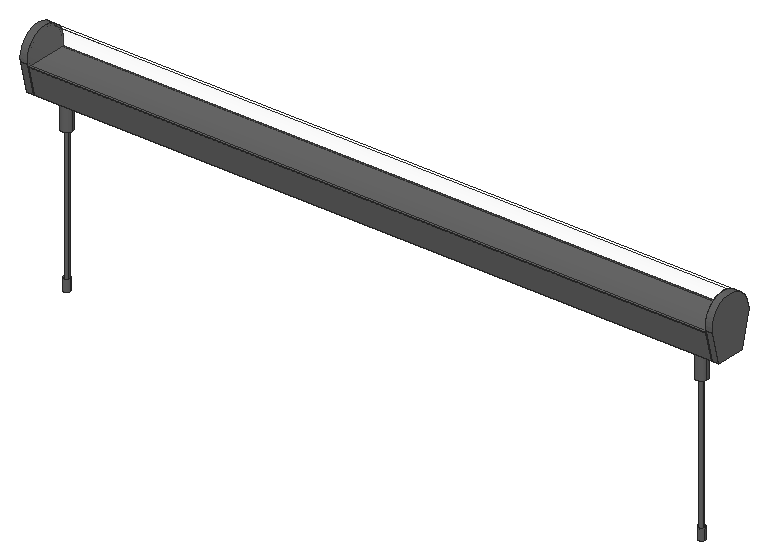
Revit family "67L-P-Dome", category Lighting Fixtures, host Face, Revit 2021
Family settings
  Host = Face
  Round Connector Dimension = Use Diameter
  Part Type = Normal
  OmniClass Number = 23.80.70.11
  OmniClass Title = Luminaries for Internal Lighting
  Cut with Voids When Loaded = No
  Light Source = Yes
  Shared = No
  Room Calculation Point = No
Parameters (values of type "Note 67L-Carbon Black")
  Width = 48.000"
  Watts = 16 W
  Wattage Comments = "4.5-16 W"  # constant formula
  Wattage = 16 W
  built-in parameter 1150110 = 1 (stored number, unit not read)
  Voltage = 120 V
  URL = "https://www.currentlighting.com/litecontrol"
  built-in parameter 1114217 = 1 (stored number, unit not read)
  Tilt Angle = -90.00°
  built-in parameter 1150109 = 1 (stored number, unit not read)
  built-in parameter 1150134 = (empty or 0)
  built-in parameter 1150113 = 1 (stored number, unit not read)
  Reflector Finish = Glass -  White
  Product Page URL = ""
  Product Material = Paint - Carbon Black
  Product Documentation Link = ""
  Photometric Web File = "67L-P-D-4-4-DM-C1-35K-D055.IES"
  Photometric Notes = "Photometric web Download in below link"  # constant formula
  Photometric Link = ""
  Pendent Height = 12.000"
  Model = "67L-P-D"  # constant formula
  Manufacturer = "Litecontrol"  # constant formula
  built-in parameter 1150105 = -41097600 (stored number, unit not read)
  Lumens = 28800 lm
  built-in parameter 1150115 = 1 (stored number, unit not read)
  Load Classification = Lighting
  built-in parameter 1150137 = (empty or 0)
  built-in parameter 1150139 = (empty or 0)
  built-in parameter 1150112 = 1 (stored number, unit not read)
  built-in parameter 1150114 = 1 (stored number, unit not read)
  Lamp = "LED 1800 lumens/ft"  # constant formula
  built-in parameter 1150132 = (empty or 0)
  built-in parameter 1150102 = (empty or 0)
  built-in parameter 1150107 = 3500 (stored number, unit not read)
  built-in parameter 1150138 = (empty or 0)
  built-in parameter 1150106 = -410976 (stored number, unit not read)
  Frequency = 60 Hz  # constant formula
  Emit from Rectangle Width = 2.000"
  Emit from Rectangle Length = (Width - 1.000")  # 47.000"
  Emit Shape Visible in Rendering = no
  built-in parameter 1150104 = 167.23 (stored number, unit not read)
  Dimming Lamp Color Temperature Shift = <None>
  Description = "The NOTE 67L Pendant brings direct illumination, performance and versatility, all within a slim profile and a fresh, contemporary style."  # constant formula
  Default Elevation = 48.000"
  Color Filter = 16777215
  built-in parameter 1114218 = 1 (stored number, unit not read)
  built-in parameter 1150133 = 10 (stored number, unit not read)
  Apparent Load = 0 VA
Types (7): name | Product Material
  (no name) | Paint - Carbon Black
  Note 67L-Textured Matte White | Paint -  Textured Matte White
  Note 67L-Matte White | Paint -  Matte White
  Note 67L-Light Silver | Paint -  Light Silver
  Note 67L-Machined Aluminium | Paint -  Machined Aluminum
  Note 67L-Carbon Black | Paint - Carbon Black
  Note 67L-Textured Camera Black | Paint - Textured Camera Black
Reference planes (in)
  plane 1 "Center (Front/Back)": y = 0
  plane 2: z = 0
  plane 3 "Center (Left/Right)": x = 0
  plane 4: x = -22
  plane 5: z = 12
  plane 6: x = 22
  plane 7: x = -24
  plane 8: x = 24
  plane 9: z = 13.98438
Forms (in)
  Revolve 1, solid, material "Paint - Carbon Black" <- "Product Material"
    sketch origin (0, 0, 0) x (1, 0, 0) y (0, 0, 1)
      loop
        line (-21.76618, 0) -> (-21.76618, 0.75) -> (-21.86618, 0.75) -> (-21.86618, 10) -> (-21.61618, 10) -> (-21.61618, 12) -> (-22, 12) -> (-22, 0) -> (-21.76618, 0)
      axis (-22, 12) -> (-22, 0)
    angle from 0 to 360
  Revolve 2, solid, material "Paint - Carbon Black" <- "Product Material"
    sketch origin (0, 0, 0) x (-1, 0, 0) y (0, 0, 1)
      loop
        line (-21.76618, 0) -> (-21.76618, 0.75) -> (-21.86618, 0.75) -> (-21.86618, 10) -> (-21.61618, 10) -> (-21.61618, 12) -> (-22, 12) -> (-22, 0) -> (-21.76618, 0)
      axis (-22, 12) -> (-22, 0)
    angle from 0 to 360
Dimensions and locks (in)
  "Pendent Height": plane 5 to host face
  locked: plane 5 to Revolve 1 sketch curve at 2
  locked: Revolve 1 sketch curve to host face at 0.75
  equal spacing: plane 6, plane 3 "Center (Left/Right)", plane 4
  locked: plane 4 to plane 7 at 2
  locked: plane 6 to plane 8 at 2
  "Width": plane 8 to plane 7
  locked: plane 9 to plane 5 at 1.98438
  aligned and locked: plane 2 to host face
  aligned and locked: level to host face
  aligned and locked: plane 2 to Revolve 1 sketch curve
  aligned and locked: Revolve 1 sketch curve to plane 4
  aligned and locked: plane 5 to Revolve 1
  aligned and locked: plane 5 to Revolve 2
  aligned and locked: Revolve 2 sketch curve to Revolve 2 sketch curve
  aligned and locked: Revolve 1 to Revolve 2  (x2)
  aligned and locked: Revolve 2 to host face
  aligned and locked: plane 3 "Center (Left/Right)" to nested 1
  aligned and locked: plane 1 "Center (Front/Back)" to nested 1
  aligned and locked: plane 3 "Center (Left/Right)" to imposter light
  aligned and locked: imposter light to plane 9
Automatic sketch dimensions
  host sketch curve to host sketch curve = 96.000"  (x2)
  Revolve 1 sketch curve to plane 4 = 0.000"
  Revolve 1 sketch curve to plane 5 = 0.000"
  plane 4 to Revolve 1 sketch curve = 0.13382"
  Revolve 1 sketch curve to Revolve 1 sketch curve = 0.100"
  Revolve 1 sketch curve to Revolve 1 sketch curve = 0.250"
  Revolve 1 sketch curve to level = 16.89225"
  Revolve 1 sketch curve to Revolve 1 sketch curve = 1.13733"
  plane 6 to Revolve 2 sketch curve = 0.000"
  Revolve 2 sketch curve to level = 0.000"
  Revolve 2 sketch curve to plane 5 = 0.000"
  Revolve 2 sketch curve to plane 6 = 0.13382"
  Revolve 2 sketch curve to Revolve 2 sketch curve = 0.100"
  Revolve 2 sketch curve to Revolve 2 sketch curve = 0.250"
  Revolve 2 sketch curve to Revolve 2 sketch curve = 16.89225"
  Revolve 2 sketch curve to level = 0.750"
  Revolve 2 sketch curve to plane 5 = 2.000"
  Revolve 2 sketch curve to Revolve 2 sketch curve = 2.64693"
Nested families (in)
  nested 1: "67L-P-D Light" at (2.04767, -0.03999, 12), Row Length <- "Width", Glass <- "Reflector Finish", Backbox <- "Product Material", type "67L-P-D Light"
    with Row Length 48.000", Glass Glass -  White, Backbox Paint - Carbon Black
Connectors (in)
  electrical at (22, 0, 12), driven by "Voltage", driven by "Apparent Load", driven by "Load Classification"
    settings: on Revolve 2, index 1, voltage 120 V, apparent load 0 VA, apparent load phase1 0 VA, apparent load phase2 0 VA, apparent load phase3 0 VA, power factor 1, load classification "Lighting", number of poles 1, system type 30, power factor state 1, is connector primary yes, connector utility no, sub classification motor no, connector description "Lighting Connector"
Definition of nested family "67L-P-D Light"
  Parameters
    Wattage Comments = ""
    URL = ""
    Row Length [instance] = 24.000"
    Product Page URL = ""
    Product Documentation Link = ""
    Model = ""
    Manufacturer Phone = ""
    Manufacturer Fax = ""
    Manufacturer = ""
    Lamp = ""
    Glass [instance] = none
    Description = ""
    Default Elevation = 48.000"
    Backbox [instance] = none
  Reference planes (in)
    plane 1 "Center (Front/Back)": y = 0.03999
    plane 2: z = 0
    plane 3 "Center (Left/Right)": x = -2.04767
    plane 4: x = -14.04767
    plane 5: x = 9.95233
    plane 6: x = -13.54767
    plane 7: x = 9.45233
    plane 8: z = 3.875
    plane 9: y = -1.46001
    plane 10: y = 1.53999
    plane 11: y = 1.03999
    plane 12: y = -0.96001
    plane 13: z = 1.98438
  Forms (in)
    Extrusion 1, solid
      sketch origin (0, 0, 0.06357) x (1, 0, 0) y (0, 1, 0)
        loop
          line (-48, 48) -> (-48, -48) -> (48, -48) -> (48, 48) -> (-48, 48)
      from -0.06357 to -6.47428
    Extrusion 2, solid, material <- "Backbox"
      sketch origin (-2.04767, 0, 0) x (0, 1, 0) y (0, 0, 1)
        loop
          line (-0.96001, 0) -> (1.0439, 0) -> (1.53999, 1.98437)
          arc (1.53999, 1.98437) -> (0.09412, 3.90459) -> (-1.48257, 2.09025) r 1.54616
          line (-1.48257, 2.09025) -> (-0.96001, 0)
      from 11.5 to 12
    Extrusion 3, solid, material <- "Backbox"
      sketch origin (-2.04767, 0, 0) x (0, 1, 0) y (0, 0, 1)
        loop
          line (-0.96001, 0) -> (1.0439, 0) -> (1.53999, 1.98437)
          arc (1.53999, 1.98437) -> (0.09412, 3.90459) -> (-1.48257, 2.09025) r 1.54616
          line (-1.48257, 2.09025) -> (-0.96001, 0)
      from -11.5 to -12
    Extrusion 4, solid, material <- "Glass"
      sketch origin (-2.04767, 0, 0) x (0, 1, 0) y (0, 0, 1)
        loop
          arc (1.53999, 1.98437) -> (0.03999, 3.90554) -> (-1.46001, 1.98437) r 1.54616
          line (-1.46001, 1.98437) -> (-1.33081, 1.98437)
          arc (-1.33081, 1.98437) -> (0.03999, 3.78054) -> (1.41079, 1.98437) r 1.42116
          line (1.41079, 1.98437) -> (1.53999, 1.98437)
      from -11.5 to 11.5
    Extrusion 5, solid, material <- "Backbox"
      sketch origin (-2.04767, 0, 0) x (0, 1, 0) y (0, 0, 1)
        loop
          line (-0.96001, 0) -> (1.0439, 0) -> (1.53999, 1.98437) -> (-1.4561, 1.98437) -> (-0.96001, 0)
      from -11.5 to 11.5
  Dimensions and locks (in)
    equal spacing: plane 5, plane 3 "Center (Left/Right)", plane 4
    plane 6 to plane 4 = 0.500"
    "Row Length": plane 5 to plane 4
    equal spacing: plane 7, plane 3 "Center (Left/Right)", plane 6
    locked: plane 8 to Extrusion 1 at 3.875
    locked: plane 1 "Center (Front/Back)" to plane 9 at 1.5
    locked: plane 13 to Extrusion 1 at 1.98438
    locked: plane 10 to plane 9 at 3
    locked: plane 11 to plane 12 at 2
    aligned and locked: plane 2 to Extrusion 1
    aligned and locked: level to Extrusion 1
    aligned and locked: plane 5 to Extrusion 2
    aligned and locked: Extrusion 2 to plane 7
    aligned and locked: plane 7 to Extrusion 5
    aligned and locked: Extrusion 5 to plane 6
    aligned and locked: Extrusion 3 to plane 4
    aligned and locked: plane 6 to Extrusion 3
    aligned and locked: Extrusion 5 sketch curve to level
    aligned and locked: Extrusion 5 to Extrusion 3 sketch curve
    aligned and locked: Extrusion 2 sketch curve to Extrusion 3  (x4)
    aligned and locked: Extrusion 4 to plane 6
    aligned and locked: plane 7 to Extrusion 4
    aligned and locked: plane 13 to Extrusion 5
    aligned and locked: Extrusion 4 sketch curve to Extrusion 3
  Automatic sketch dimensions
    Extrusion 1 sketch curve to Extrusion 1 sketch curve = 96.000"  (x2)
    plane 9 to Extrusion 3 sketch curve = 0.02256"
    Extrusion 3 sketch curve to plane 12 = 0.000"
    Extrusion 3 sketch curve to plane 1 "Center (Front/Back)" = 0.000"
    plane 11 to Extrusion 3 sketch curve = 0.00391"
    Extrusion 3 sketch curve to plane 10 = 0.000"
    level to Extrusion 3 sketch curve = 2.09025"
    Extrusion 2 sketch curve to plane 10 = 0.000"
    Extrusion 5 sketch curve to plane 12 = 0.000"
    Extrusion 5 sketch curve to plane 10 = 0.000"
    Extrusion 5 sketch curve to plane 9 = 0.00391"
    plane 11 to Extrusion 5 sketch curve = 0.00391"
    level to Extrusion 3 sketch curve = 1.98437"
    Extrusion 5 sketch curve to plane 8 = 1.89062"
    Extrusion 4 sketch curve to Extrusion 4 sketch curve = 0.000"  (x2)
    plane 9 to Extrusion 4 sketch curve = 0.000"
    Extrusion 4 sketch curve to Extrusion 4 sketch curve = 0.1292"
    plane 13 to Extrusion 4 sketch curve = 0.000"
